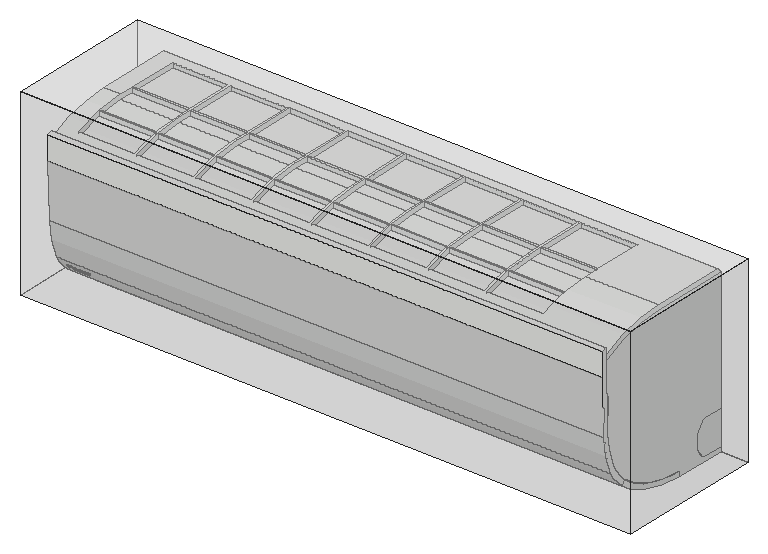
Revit family "outputfile", category 機械設備, Revit 2024
Family settings
  丸型コネクタ寸法 = 半径を使用
  パーツ タイプ = 標準
  OmniClass 番号 = 23.75.10.24.21.27.27
  OmniClass タイトル = Split System Air Conditioning Units
  作業面ベース = いいえ
  常に垂直 = はい
  ロード時にボイドで切り取り = いいえ
  注釈の向きを維持 = いいえ
  共有 = いいえ
  部屋計算ポイント = いいえ
Parameters (values of type "CTKP60VVMG")
  Description = ""
  書き出し IFC クラス(タイプ) = "IfcUnitaryEquipmentType"
  定義済み IFC タイプ(タイプ) = "AIRCONDITIONINGUNIT"
  Cost = 0
  Type Comments = ""
  Keynote = ""
  Type Image = (empty or 0)
  Assembly Code = ""
  w_wall hole = if(Width = 770.0 mm, 48.0 mm, 60.0 mm)  # 60.0 mm
  製造元 = "Daikin"
  モデル = "CTKP60VVMG"
  switch_frequency = yes
  r_Liquid Pipe Size = Liquid Pipe Size / 2  # 3.2 mm
  r_Gas Pipe Size = Gas Pipe Size / 2  # 6.35 mm
  r_Drain Pipe Size = Drain Pipe Size / 2  # 8.0 mm
  lw_powersupply [instance] = if(Width = 770.0 mm, if(or(Rear Right Connection_refrigerant, Bottom Right Connection_refrigerant), 25.0 mm, if(or(Rear Left Connection_refrigerant, Bottom Left Connection_refrigerant), 745.0 mm, 400.0 mm)), if(Width = 990.0 mm, if(or(Rear Right Connection_refrigerant, Bottom Right Connection_refrigerant), 40.0 mm, if(or(Rear Left Connection_refrigerant, Bottom Left Connection_refrigerant), 920.0 mm, 400.0 mm)), if(or(Rear Right Connection_refrigerant, Bottom Right Connection_refrigerant), 40.0 mm, if(or(Rear Left Connection_refrigerant, Bottom Left Connection_refrigerant), 920.0 mm, 400.0 mm))))  # 400.0 mm
  lw_liquidpipe [instance] = if(Width = 770.0 mm, if(or(Rear Right Connection_refrigerant, Bottom Right Connection_refrigerant), 0.0 mm, if(or(Rear Left Connection_refrigerant, Bottom Left Connection_refrigerant), 664.0 mm, 385.0 mm)), if(Width = 990.0 mm, if(or(Rear Right Connection_refrigerant, Bottom Right Connection_refrigerant), 0.0 mm, if(or(Rear Left Connection_refrigerant, Bottom Left Connection_refrigerant), 664.0 mm + (990.0 mm - 770.0 mm), 475.0 mm)), if(or(Rear Right Connection_refrigerant, Bottom Right Connection_refrigerant), 0.0 mm, if(or(Rear Left Connection_refrigerant, Bottom Left Connection_refrigerant), 664.0 mm + (990.0 mm - 770.0 mm), 475.0 mm))))  # 475.0 mm
  lw_gaspipe [instance] = if(Width = 770.0 mm, if(or(Rear Right Connection_refrigerant, Bottom Right Connection_refrigerant), 0.0 mm, if(or(Rear Left Connection_refrigerant, Bottom Left Connection_refrigerant), 675.0 mm, if(Gas Pipe Size = 12.7 mm, 345.0 mm, 335.0 mm))), if(Width = 990.0 mm, if(or(Rear Right Connection_refrigerant, Bottom Right Connection_refrigerant), 10.0 mm, if(or(Rear Left Connection_refrigerant, Bottom Left Connection_refrigerant), 890.0 mm, if(Gas Pipe Size = 15.9 mm, 400.0 mm, 400.0 mm))), if(or(Rear Right Connection_refrigerant, Bottom Right Connection_refrigerant), 10.0 mm, if(or(Rear Left Connection_refrigerant, Bottom Left Connection_refrigerant), 890.0 mm, if(Gas Pipe Size = 15.9 mm, 400.0 mm, 400.0 mm)))))  # 400.0 mm
  lw_drainpipe [instance] = if(Width = 770.0 mm, if(or(Rear Right Connection_refrigerant, Bottom Right Connection_refrigerant), 0.0 mm, if(or(Rear Left Connection_refrigerant, Bottom Left Connection_refrigerant), 770.0 mm - 48.0 mm - 48.0 mm, 440.0 mm)), if(Width = 990.0 mm, if(or(Rear Right Connection_refrigerant, Bottom Right Connection_refrigerant), 0.0 mm, if(or(Rear Left Connection_refrigerant, Bottom Left Connection_refrigerant), 675.0 mm + (990.0 mm - 770.0 mm), 435.0 mm)), if(or(Rear Right Connection_refrigerant, Bottom Right Connection_refrigerant), 0.0 mm, if(or(Rear Left Connection_refrigerant, Bottom Left Connection_refrigerant), 675.0 mm + (990.0 mm - 770.0 mm), 435.0 mm))))  # 435.0 mm
  l_powersupply_length [instance] = if(Width = 770.0 mm, if(Right Connection_refrigerant, 400.0 mm, if(Left Connection_refrigerant, 770.0 mm - 400.0 mm, if(or(Rear Left Connection_refrigerant, Rear Right Connection_refrigerant), 15.0 mm, 50.0 mm))), if(Width = 990.0 mm, if(Right Connection_refrigerant, 400.0 mm, if(Left Connection_refrigerant, 990.0 mm - 400.0 mm, if(or(Rear Left Connection_refrigerant, Rear Right Connection_refrigerant), 15.0 mm, 50.0 mm))), if(Right Connection_refrigerant, 400.0 mm, if(Left Connection_refrigerant, 990.0 mm - 400.0 mm, if(or(Rear Left Connection_refrigerant, Rear Right Connection_refrigerant), 15.0 mm, 50.0 mm)))))  # 400.0 mm
  l_liquidpipe_length [instance] = if(Width = 770.0 mm, if(Right Connection_refrigerant, 433.0 mm, if(Left Connection_refrigerant, 337.0 mm, if(or(Rear Left Connection_refrigerant, Rear Right Connection_refrigerant), 30.0 mm, 40.0 mm))), if(Width = 990.0 mm, if(Right Connection_refrigerant, 535.0 mm, if(Left Connection_refrigerant, 455.0 mm, if(or(Rear Left Connection_refrigerant, Rear Right Connection_refrigerant), 30.0 mm, 40.0 mm))), if(Right Connection_refrigerant, 535.0 mm, if(Left Connection_refrigerant, 455.0 mm, if(or(Rear Left Connection_refrigerant, Rear Right Connection_refrigerant), 30.0 mm, 40.0 mm)))))  # 535.0 mm
  l_gaspipe_length [instance] = if(Width = 770.0 mm, if(Right Connection_refrigerant, if(Gas Pipe Size = 12.7 mm, 393.0 mm, 383.0 mm), if(Left Connection_refrigerant, if(Gas Pipe Size = 12.7 mm, 770.0 mm - 393.0 mm, 770.0 mm - 383.0 mm), if(or(Rear Left Connection_refrigerant, Rear Right Connection_refrigerant), 40.0 mm, 50.0 mm))), if(Width = 990.0 mm, if(Right Connection_refrigerant, if(Gas Pipe Size = 15.9 mm, 460.0 mm, 460.0 mm), if(Left Connection_refrigerant, if(Gas Pipe Size = 15.9 mm, 990.0 mm - 460.0 mm, 990.0 mm - 460.0 mm), if(or(Rear Left Connection_refrigerant, Rear Right Connection_refrigerant), 40.0 mm, 50.0 mm))), if(Right Connection_refrigerant, if(Gas Pipe Size = 15.9 mm, 460.0 mm, 460.0 mm), if(Left Connection_refrigerant, if(Gas Pipe Size = 15.9 mm, 990.0 mm - 460.0 mm, 990.0 mm - 460.0 mm), if(or(Rear Left Connection_refrigerant, Rear Right Connection_refrigerant), 40.0 mm, 50.0 mm)))))  # 460.0 mm
  l_drainpipe_length [instance] = if(Width = 770.0 mm, if(Right Connection_refrigerant, 488.0 mm, if(Left Connection_refrigerant, 282.0 mm, if(or(Rear Left Connection_refrigerant, Rear Right Connection_refrigerant), 15.0 mm, 20.0 mm))), if(Width = 990.0 mm, if(Right Connection_refrigerant, 495.0 mm, if(Left Connection_refrigerant, 495.0 mm, if(or(Rear Left Connection_refrigerant, Rear Right Connection_refrigerant), 15.0 mm, 20.0 mm))), if(Right Connection_refrigerant, 495.0 mm, if(Left Connection_refrigerant, 495.0 mm, if(or(Rear Left Connection_refrigerant, Rear Right Connection_refrigerant), 15.0 mm, 20.0 mm)))))  # 495.0 mm
  h*** = 0.0 mm  # constant formula
  connector_voltage = Voltage_50Hz  # 230 V
  connector_powerinput = [Power Input (Cooling)]  # 0.000 kW
  connector_phase = Phase_50Hz  # 1
  angle_vertical [instance] = if(or(Bottom Left Connection_refrigerant, Bottom Right Connection_refrigerant), 0.00°, 90.00°)  # 90.00°
  angle_horizontal [instance] = if(Right Connection_refrigerant, 90.00°, if(Left Connection_refrigerant, -90.00°, if(or(Rear Left Connection_refrigerant, Rear Right Connection_refrigerant), 180.00°, 0.00°)))  # 90.00°
  Width = 990.0 mm
  Voltage_comment_50Hz = "220 - 240"
  Voltage_50Hz = 230 V
  Version = "ver.1.0"
  Unit Type = "Wall Mounted"
  Unit Mass Weight = 13.00 kg
  Unit Designation [instance] = ""
  Uniclass2015Version = "Products v1.30"
  Uniclass2015Title = "Split coil room air conditioning units"
  Uniclass2015Code = "Pr_70_65_03_86"
  URL = ""
  Total Cooling Capacity [instance] = 0.000 kW
  Sound Pressure Level_M speed (dBA) = 42
  Sound Pressure Level_L speed (dBA) = 36
  Sound Pressure Level_H speed (dBA) = 48
  Sound Power Level_H speed (dB) = 0
  Series = "Multi Split_Fan Coil Unit"
  Sensible Cooling Capacity [instance] = 0.000 kW
  Refrigerant Type = "R32"
  Power Input (Cooling) = 0.000 kW
  Phase_50Hz = 1
  Option Accessory 3 [instance] = ""
  Option Accessory 2 [instance] = ""
  Option Accessory 1 [instance] = ""
  Nominal Cooling Capacity = 6.000 kW
  Minimum Circuit Amps_50Hz = 0.0 A
  Minimum Airflow = 762.00 m³/h
  Median Airflow = 948.00 m³/h
  Maximum Fuse Amps_50Hz = 0.0 A
  Maximum Airflow = 1150.00 m³/h
  Material_Casing = DAIKIN_White_Casing_indoorunit
  Load Classification = HVAC
  Liquid Pipe Size = 6.4 mm
  Link_Nested Family [instance] = ""
  IfcVersion = ""
  IfcExportType = "AIRCONDITIONINGUNIT"
  IfcExportAs = "IfcUnitaryEquipmentType"
  Height = 295.0 mm
  Heat Exchanger Type = "Cross Fin Coil"
  Gas Pipe Size = 12.7 mm
  Frequency_50Hz = 50 Hz
  Fan Type = "Cross Flow Fan"
  Fan Drive = "Direct Drive"
  FCU Tag No. [instance] = ""
  Drain Pipe Size = 16.0 mm
  Design Supply Airflow [instance] = 0.00 m³/h
  Depth = 263.0 mm
  既定の高さ = 0.0 mm
  Cooling Entering Wet Bulb Temperature [instance] = 0.00 °C
  Cooling Entering Dry Bulb Temperature [instance] = 0.00 °C
  Cooling Ambient Wet Bulb Temperature [instance] = 0.00 °C
  Cooling Ambient Dry Bulb Temperature [instance] = 0.00 °C
  Clearance visibility [instance] = yes
  Clearance Top = 30.0 mm
  Clearance Right = 50.0 mm
  Clearance Rear = 0.0 mm
  Clearance Left = 50.0 mm
  Clearance Front = 0.0 mm
  Clearance Bottom = 0.0 mm
  Bottom Right Connection_refrigerant [instance] = no
  Bottom Left Connection_refrigerant [instance] = no
  Rear Right Connection_refrigerant [instance] = no
  Rear Left Connection_refrigerant [instance] = no
  Right Connection_refrigerant [instance] = yes
  Left Connection_refrigerant [instance] = no
Reference planes
  plane 1 "Back": y = 0
  plane 2: z = 0
  plane 3 "Center (Left/Right)": x = 0
  plane 4 "Center (Front/Back)": y = -131.5
  plane 5 "Front": y = -263
  plane 6 "Left": x = -495
  plane 7 "Right": x = 495
  plane 8 "Top": z = 0
  plane 9 "Bottom": z = -295
  plane 10: x = -545
  plane 11: x = 545
  plane 12: y = 0
  plane 13: y = -263
  plane 14: z = 30
  plane 15: z = -295
  plane 16 "lw_Piping and Wiring intake": x = 435
  plane 17 "lw_gaspipe": x = 35
  plane 18 "lw_liquidpipe": x = -40
  plane 19 "lw_drainpipe": x = 0
  plane 20 "lh_drainpipe": z = -275
  plane 21 "lh_liquidpipe": z = -255
  plane 22 "lh_gaspipe": z = -245
  plane 23 "ld_drainpipe": y = -15
  plane 24 "ld_liquidpipe": y = -30
  plane 25 "ld_gaspipe": y = -40
  plane 26 "lw_powersupply": x = 95
Dimensions and locks
  equal spacing: plane 6 "Left", plane 3 "Center (Left/Right)", plane 7 "Right"
  "Width": plane 6 "Left" to plane 7 "Right"
  equal spacing: plane 5 "Front", plane 4 "Center (Front/Back)", plane 1 "Back"
  "Depth": plane 5 "Front" to plane 1 "Back"
  "Height": plane 8 "Top" to plane 9 "Bottom"
  "Clearance Rear": plane 12 to plane 1 "Back"
  "Clearance Front": plane 13 to plane 5 "Front"
  "Clearance Top": plane 14 to plane 8 "Top"
  "Clearance Bottom": plane 9 "Bottom" to plane 15
  "w_wall hole": plane 16 "lw_Piping and Wiring intake" to plane 7 "Right"
  "lw_gaspipe": plane 17 "lw_gaspipe" to plane 16 "lw_Piping and Wiring intake"
  "lw_liquidpipe": plane 18 "lw_liquidpipe" to plane 16 "lw_Piping and Wiring intake"
  "lw_drainpipe": plane 19 "lw_drainpipe" to plane 16 "lw_Piping and Wiring intake"
  locked: plane 20 "lh_drainpipe" to plane 9 "Bottom" at 20
  locked: plane 21 "lh_liquidpipe" to plane 9 "Bottom" at 40
  locked: plane 22 "lh_gaspipe" to plane 9 "Bottom" at 50
  locked: plane 23 "ld_drainpipe" to plane 1 "Back" at 15
  locked: plane 1 "Back" to plane 24 "ld_liquidpipe" at 30
  locked: plane 1 "Back" to plane 25 "ld_gaspipe" at 40
  "lw_powersupply": plane 26 "lw_powersupply" to plane 7 "Right"
  "Clearance Left": plane 10 to plane 6 "Left"
  "Clearance Right": plane 7 "Right" to plane 11
  aligned and locked: level to plane 2
  aligned and locked: plane 12 to nested 1
  aligned and locked: nested 1 to plane 13
  aligned and locked: plane 10 to nested 1
  aligned and locked: plane 11 to nested 1
  aligned and locked: plane 15 to nested 1
  aligned and locked: plane 14 to nested 1
  aligned and locked: plane 17 "lw_gaspipe" to nested 2
  aligned and locked: nested 2 to plane 25 "ld_gaspipe"
  aligned and locked: plane 18 "lw_liquidpipe" to nested 3
  aligned and locked: nested 3 to plane 24 "ld_liquidpipe"
  aligned and locked: plane 19 "lw_drainpipe" to nested 4
  aligned and locked: nested 4 to plane 23 "ld_drainpipe"
  aligned and locked: nested 5 to plane 23 "ld_drainpipe"
  aligned and locked: plane 26 "lw_powersupply" to nested 5
  aligned and locked: level to plane 8 "Top"
  aligned and locked: plane 3 "Center (Left/Right)" to nested 6
  aligned and locked: plane 1 "Back" to nested 6
  aligned and locked: plane 8 "Top" to nested 6
Nested families
  nested 1: "daikin_clearancespace" at (0, -131.5, -132.381), show <- "Clearance visibility", visible <- "Clearance visibility", Link_Nested Family <- "Link_Nested Family", type "daikin_clearancespace"
    with width 1090.0 mm, show yes, height 325.0 mm, depth 263.0 mm, Link_Nested Family ""
  nested 2: "daikin_connector_rotate3" at (35, -40, -245), angle_vertical <- "angle_vertical", angle_horizontal <- "angle_horizontal", length <- "l_gaspipe_length", radius <- "r_Gas Pipe Size", type "daikin_connector_rotate3"
    with show no, radius 6.35 mm, length 460.0 mm, angle_vertical 90.00°, angle_horizontal 90.00°
  nested 3: "daikin_connector_rotate3" at (-40, -30, -255), angle_vertical <- "angle_vertical", angle_horizontal <- "angle_horizontal", radius <- "r_Liquid Pipe Size", length <- "l_liquidpipe_length", type "daikin_connector_rotate3"
    with show no, radius 3.2 mm, length 535.0 mm, angle_vertical 90.00°, angle_horizontal 90.00°
  nested 4: "daikin_connector_rotate3" at (0, -15, -275), angle_vertical <- "angle_vertical", angle_horizontal <- "angle_horizontal", length <- "l_drainpipe_length", radius <- "r_Drain Pipe Size", type "daikin_connector_rotate3"
    with show no, radius 8.0 mm, length 495.0 mm, angle_vertical 90.00°, angle_horizontal 90.00°
  nested 5: "daikin_connector_rotate3" at (95, -15, -245), angle_vertical <- "angle_vertical", angle_horizontal <- "angle_horizontal", length <- "l_powersupply_length", type "daikin_connector_rotate3"
    with show no, radius 10.0 mm, length 400.0 mm, angle_vertical 90.00°, angle_horizontal 90.00°
  nested 6: "DAIKIN_indoorunit_CTKP-VVMG" at (-31, 0, 0), type "CTKP-VVMG"
    with switch_unit1_60 yes, switch_unit1_25-50 no, Width 990.0 mm, WALL HOLE-R 60.0 mm, WALL HOLE Size 80.0 mm, Height 295.0 mm
Connectors
  piping at (495, -40, -245), diameter 12.7, driven by "r_Gas Pipe Size"
    settings: on nested 2, index 1, connector inside diameter 609.6 mm, connector length 0.0 mm, flow factor 0, pipe flow 0.00 m³/h, pressure drop 0.0 Pa, fitting loss kfactor 0, connector angle 0.00°, fixture units 0, engagement length 0.0 mm, angle of deflection 0.00°, flow configuration 1, flow direction 2, fitting loss method 0, system type 29, joint type 0, gender type 0, connector reference index -1, connector utility 0, adjustable connector no, is connector primary yes, connector description "Refrigerant Gas Piping"
  piping at (495, -30, -255), diameter 6.4, driven by "r_Liquid Pipe Size"
    settings: on nested 3, index 2, connector inside diameter 609.6 mm, connector length 0.0 mm, flow factor 0, pipe flow 0.00 m³/h, pressure drop 0.0 Pa, fitting loss kfactor 0, connector angle 0.00°, fixture units 0, engagement length 0.0 mm, angle of deflection 0.00°, flow configuration 1, flow direction 1, fitting loss method 0, system type 29, joint type 0, gender type 0, connector reference index -1, connector utility 0, adjustable connector no, is connector primary no, connector description "Refrigerant Liquid Piping"
  piping at (495, -15, -275), diameter 16, driven by "r_Drain Pipe Size"
    settings: on nested 4, index 3, connector inside diameter 609.6 mm, connector length 0.0 mm, flow factor 0, pipe flow 0.00 m³/h, pressure drop 0.0 Pa, fitting loss kfactor 0, connector angle 0.00°, fixture units 0, engagement length 0.0 mm, angle of deflection 0.00°, flow configuration 1, flow direction 2, fitting loss method 4, system type 16, joint type 0, gender type 0, connector reference index -1, connector utility 0, adjustable connector no, is connector primary no, connector description "Condensate Drain Piping"
  electrical at (495, -15, -245), driven by "Load Classification", driven by "connector_powerinput", driven by "connector_voltage", driven by "connector_phase"
    settings: on nested 5, index 4, voltage 230 V, apparent load 0 VA, apparent load phase1 0 VA, apparent load phase2 0 VA, apparent load phase3 0 VA, power factor 1, load classification "HVAC", number of poles 1, system type 30, power factor state 1, is connector primary yes, connector utility no, sub classification motor no, connector description "Power Supply"
Definition of nested family "daikin_clearancespace"
  Parameters (values of type "daikin_clearancespace")
    Description = "daikin_clearancespace"
    width [instance] = 1823.963 mm
    show [instance] = yes
    material = none
    height [instance] = 1359.762 mm
    depth [instance] = 880.0 mm
    Default Elevation = 0.0 mm
    Link_Nested Family [instance] = ""
  Reference planes
    plane 1 "Center (Front/Back)": y = 0
    plane 2 "Center (Elevation)": z = -0.119
    plane 3 "Center (Left/Right)": x = 0
    plane 4: y = 440
    plane 5: y = -440
    plane 6 "Right": x = 911.982
    plane 7 "Left": x = -911.982
    plane 8 "Top": z = 679.762
    plane 9 "Bottom": z = -680
  Forms (mm)
    Extrusion 1, solid, material <- "material", visible <- "show"
      sketch origin (0, 0, 0) x (1, 0, 0) y (0, 1, 0)
        loop
          line (-911.982, 440) -> (-911.982, -440) -> (911.982, -440) -> (911.982, 440) -> (-911.982, 440)
      from -680 to 679.762
  Lines and regions (mm)
    symbolic lines, visible <- "show"
      curve 1: line (911.982, 440, 0) -> (-911.982, 440, 0)
      curve 2: line (-911.982, 440, 0) -> (-911.982, -440, 0)
      curve 3: line (-911.982, -440, 0) -> (911.982, -440, 0)
      curve 4: line (911.982, -440, 0) -> (911.982, 440, 0)
      curve 5: line (911.982, 0, 679.762) -> (-911.982, 0, 679.762)
      curve 6: line (911.982, 0, -680) -> (911.982, 0, 679.762)
      curve 7: line (-911.982, 0, -680) -> (911.982, 0, -680)
      curve 8: line (-911.982, 0, 679.762) -> (-911.982, 0, -680)
      curve 9: line (0, 440, 679.762) -> (0, -440, 679.762)
      curve 10: line (0, -440, 679.762) -> (0, -440, -680)
      curve 11: line (0, 440, -680) -> (0, 440, 679.762)
      curve 12: line (0, -440, -680) -> (0, 440, -680)
  Dimensions and locks
    "width": plane 7 "Left" to plane 6 "Right"
    "depth": plane 4 to plane 5
    "height": plane 8 "Top" to plane 9 "Bottom"
    equal spacing: plane 7 "Left", plane 3 "Center (Left/Right)", plane 6 "Right"
    equal spacing: plane 4, plane 1 "Center (Front/Back)", plane 5
    equal spacing: plane 8 "Top", plane 2 "Center (Elevation)", plane 9 "Bottom"
    aligned and locked: level to plane 2 "Center (Elevation)"
    aligned and locked: Extrusion 1 sketch curve to plane 4
    aligned and locked: plane 7 "Left" to Extrusion 1 sketch curve
    aligned and locked: Extrusion 1 sketch curve to plane 5
    aligned and locked: Extrusion 1 sketch curve to plane 6 "Right"
    aligned and locked: plane 8 "Top" to Extrusion 1
    aligned and locked: curve 1 to Extrusion 1
    aligned and locked: curve 2 to Extrusion 1
    aligned and locked: curve 3 to Extrusion 1
    aligned and locked: curve 4 to Extrusion 1
    aligned and locked: curve 5 to Extrusion 1
    aligned and locked: curve 6 to Extrusion 1
    aligned and locked: curve 7 to Extrusion 1
    aligned and locked: curve 8 to Extrusion 1
    aligned and locked: curve 9 to Extrusion 1
    aligned and locked: curve 10 to Extrusion 1
    aligned and locked: curve 11 to Extrusion 1
    aligned and locked: curve 12 to Extrusion 1
    aligned and locked: Extrusion 1 to plane 9 "Bottom"
Definition of nested family "DAIKIN_indoorunit_CTKP-VVMG"
  Parameters (values of type "CTKP-VVMG")
    switch_unit1_60 = Width = 990.0 mm  # no
    switch_unit1_25-50 = Width = 770.0 mm  # yes
    Width = 770.0 mm
    WALL HOLE-R = if(Width = 770.0 mm, 48.0 mm, 60.0 mm)  # 48.0 mm
    WALL HOLE Size = if(Width = 770.0 mm, 65.0 mm, 80.0 mm)  # 65.0 mm
    Material_Casing = none
    Height = if(Width = 770.0 mm, 285.0 mm, 295.0 mm)  # 285.0 mm
    Default Elevation = 0.0 mm
  Reference planes
    plane 1 "Center (Front/Back)": y = 0
    plane 2 "reference_level": z = 0
    plane 3 "Center (Left/Right)": x = 31
    plane 4: x = -354
    plane 5: x = 416
    plane 6: z = -285
  Forms (mm)
    Extrusion 1, solid, material <- "Material_Casing", visible <- "switch_unit1_25-50"
      sketch origin (29, 0, 0) x (0, 1, 0) y (0, 0, 1)
        loop
          line (-5, 0) -> (-98, 0)
          arc (-98, 0) -> (-157.611, -7.211) -> (-213.783, -28.427) r 250
          arc (-213.783, -28.427) -> (-213.842, -32.972) -> (-213.892, -37.516) r 2191
          arc (-213.892, -37.516) -> (-157.832, -15.495) -> (-98.07, -8) r 242
          line (-98.07, -8) -> (0, -8) -> (-5, 0)
      from -383 to 387
    Extrusion 2, solid, material <- "Material_Casing", visible <- "switch_unit1_25-50"
      sketch origin (416, 1296.25, 1200) x (0, 1, 0) y (0, 0, 1)
        loop
          line (-1472.998, -1446.91) -> (-1476.998, -1453.839)
          arc (-1476.998, -1453.839) -> (-1437.481, -1472.422) -> (-1395.25, -1483.538) r 240
          line (-1395.25, -1483.538) -> (-1395.25, -1475.422)
          arc (-1395.25, -1475.422) -> (-1435.407, -1464.663) -> (-1472.998, -1446.91) r 232
      from 0 to -47.5
    Extrusion 3, solid, material <- "Material_Casing", visible <- "switch_unit1_25-50"
      sketch origin (29, 0, 0) x (0, 1, 0) y (0, 0, 1)
        loop
          arc (-223, -60.455) -> (-222.414, -110.646) -> (-220.656, -160.81) r 2149.92
          arc (-220.656, -160.81) -> (-219.65, -174.299) -> (-217.853, -187.706) r 229.911
          arc (-217.853, -187.706) -> (-205.371, -223.594) -> (-181.517, -253.17) r 111
          line (-181.517, -253.17) -> (-177.429, -246.093)
          arc (-177.429, -246.093) -> (-198.77, -218.989) -> (-209.965, -186.36) r 103
          arc (-209.965, -186.36) -> (-211.681, -173.586) -> (-212.651, -160.735) r 221.844
          arc (-212.651, -160.735) -> (-214.739, -93.233) -> (-214.74, -25.699) r 2186.828
          arc (-214.74, -25.699) -> (-214.671, -21.467) -> (-214.594, -17.235) r 2192
          line (-214.594, -17.235) -> (-223, -19.961) -> (-223, -60.455)
      from -383 to 387
    Extrusion 4, solid, material <- "Material_Casing", visible <- "switch_unit1_25-50"
      sketch origin (29, 0, -20) x (0, 1, 0) y (0, 0, 1)
        loop
          line (0, -265) -> (0, 12) -> (-98.07, 12)
          arc (-98.07, 12) -> (-157.832, 4.505) -> (-213.892, -17.516) r 242
          arc (-213.892, -17.516) -> (-213.638, -79.114) -> (-211.653, -140.681) r 2191
          arc (-211.653, -140.681) -> (-210.685, -153.501) -> (-208.973, -166.243) r 221
          arc (-208.973, -166.243) -> (-197.471, -199.282) -> (-175.482, -226.491) r 102
          arc (-175.482, -226.491) -> (-138.004, -244.019) -> (-98, -254.579) r 231
          line (-98, -254.579) -> (-98, -265) -> (0, -265)
      from -383 to 387
    Extrusion 5, solid, material <- "Material_Casing", visible <- "switch_unit1_25-50"
      sketch origin (-354, 1296.25, 1200) x (0, 1, 0) y (0, 0, 1)
        loop
          line (-1472.998, -1446.91) -> (-1476.998, -1453.839)
          arc (-1476.998, -1453.839) -> (-1437.481, -1472.422) -> (-1395.25, -1483.538) r 240
          line (-1395.25, -1483.538) -> (-1395.25, -1475.422)
          arc (-1395.25, -1475.422) -> (-1435.407, -1464.663) -> (-1472.998, -1446.91) r 232
      from 47 to 0
    Extrusion 6, solid, material <- "Material_Casing", visible <- "switch_unit1_25-50"
      sketch origin (416, 1296.25, 1200) x (0, 1, 0) y (0, 0, 1)
        loop
          line (-1472.998, -1446.91) -> (-1476.998, -1453.839)
          arc (-1476.998, -1453.839) -> (-1443.437, -1470.168) -> (-1407.75, -1481.097) r 240
          line (-1407.75, -1481.097) -> (-1407.75, -1472.894)
          arc (-1407.75, -1472.894) -> (-1441.363, -1462.385) -> (-1472.998, -1446.91) r 232
      from -116.993 to -48.493
    Extrusion 7, solid, material <- "Material_Casing", visible <- "switch_unit1_25-50"
      sketch origin (416, 1296.25, 1200) x (0, 1, 0) y (0, 0, 1)
        loop
          line (-1472.998, -1446.91) -> (-1476.998, -1453.839)
          arc (-1476.998, -1453.839) -> (-1443.437, -1470.168) -> (-1407.75, -1481.097) r 240
          line (-1407.75, -1481.097) -> (-1407.75, -1472.894)
          arc (-1407.75, -1472.894) -> (-1441.363, -1462.385) -> (-1472.998, -1446.91) r 232
      from -717 to -121.993
    Extrusion 8, void
      sketch origin (31, 0, -235) x (1, 0, 0) y (0, 1, 0)
        loop
          line (-252.674, -22.316) -> (-354.941, -22.316) -> (-354.941, -91.341) -> (-252.674, -91.341) -> (-252.674, -22.316)
        loop
          line (-249.341, -91.341) -> (-151.574, -91.341) -> (-151.574, -22.316) -> (-249.341, -22.316) -> (-249.341, -91.341)
        loop
          line (58.309, -22.316) -> (-148.309, -22.316) -> (-148.309, -91.341) -> (58.309, -91.341) -> (58.309, -22.316)
        loop
          line (61.689, -22.316) -> (61.689, -91.341) -> (159.457, -91.341) -> (159.457, -22.316) -> (61.689, -22.316)
        loop
          line (162.789, -22.316) -> (162.789, -91.341) -> (265.057, -91.341) -> (265.057, -22.316) -> (162.789, -22.316)
        loop
          line (-354.941, -94.659) -> (-354.941, -165.259) -> (-252.674, -165.259) -> (-252.674, -94.659) -> (-354.941, -94.659)
        loop
          line (-249.341, -94.659) -> (-249.341, -165.259) -> (-151.574, -165.259) -> (-151.574, -94.659) -> (-249.341, -94.659)
        loop
          line (-148.309, -94.659) -> (-148.309, -165.259) -> (58.309, -165.259) -> (58.309, -94.659) -> (-148.309, -94.659)
        loop
          line (61.689, -94.659) -> (61.689, -165.259) -> (159.457, -165.259) -> (159.457, -94.659) -> (61.689, -94.659)
        loop
          line (162.789, -94.659) -> (162.789, -165.259) -> (265.057, -165.259) -> (265.057, -94.659) -> (162.789, -94.659)
        loop
          line (-354.941, -167.382) -> (-354.941, -192.681) -> (-252.674, -192.681) -> (-252.674, -167.382) -> (-354.941, -167.382)
        loop
          line (-249.341, -167.382) -> (-249.341, -192.681) -> (-151.574, -192.681) -> (-151.574, -167.382) -> (-249.341, -167.382)
        loop
          line (-148.309, -167.382) -> (-148.309, -192.681) -> (58.309, -192.681) -> (58.309, -167.382) -> (-148.309, -167.382)
        loop
          line (159.457, -167.382) -> (61.689, -167.382) -> (61.689, -192.681) -> (159.457, -192.681) -> (159.457, -167.382)
        loop
          line (265.057, -167.382) -> (162.789, -167.382) -> (162.789, -192.681) -> (265.057, -192.681) -> (265.057, -167.382)
      from 201.638 to 250
    Extrusion 9, solid, material <- "Material_Casing"
      sketch origin (31, 0, 0) x (1, 0, 0) y (0, 0, 1)
        loop
          circle (337, -240.5) r 32.5
        loop
          circle (-337, -240.5) r 32.5
      from 0 to 5
    Extrusion 10, solid, material <- "Material_Casing", visible <- "switch_unit1_25-50"
      sketch origin (416, 1296.25, 1200) x (0, -1, 0) y (0, 0, 1)
        loop
          line (1326.25, -1417) -> (1296.25, -1417) -> (1296.25, -1477) -> (1326.25, -1477)
          arc (1326.25, -1477) -> (1340.393, -1471.142) -> (1346.25, -1457) r 20
          line (1346.25, -1457) -> (1346.25, -1437)
          arc (1346.25, -1437) -> (1340.393, -1422.858) -> (1326.25, -1417) r 20
      from 0 to 5
    Extrusion 11, solid, material <- "Material_Casing", visible <- "switch_unit1_25-50"
      sketch origin (-354, 1296.25, 1200) x (0, 1, 0) y (0, 0, 1)
        loop
          line (-1296.25, -1417) -> (-1326.25, -1417)
          arc (-1326.25, -1417) -> (-1340.393, -1422.858) -> (-1346.25, -1437) r 20
          line (-1346.25, -1437) -> (-1346.25, -1457)
          arc (-1346.25, -1457) -> (-1340.393, -1471.142) -> (-1326.25, -1477) r 20
          line (-1326.25, -1477) -> (-1296.25, -1477) -> (-1296.25, -1417)
      from 0 to 5
    Extrusion 12, solid, material <- "Material_Casing", visible <- "switch_unit1_25-50"
      sketch origin (31, 0, -285) x (-1, 0, 0) y (0, -1, 0)
        loop
          line (-314, 0) -> (-314, 30)
          arc (-314, 30) -> (-319.858, 44.142) -> (-334, 50) r 20
          line (-334, 50) -> (-354, 50)
          arc (-354, 50) -> (-368.142, 44.142) -> (-374, 30) r 20
          line (-374, 30) -> (-374, 0) -> (-314, 0)
        loop
          line (374, 0) -> (374, 30)
          arc (374, 30) -> (368.142, 44.142) -> (354, 50) r 20
          line (354, 50) -> (334, 50)
          arc (334, 50) -> (319.858, 44.142) -> (314, 30) r 20
          line (314, 30) -> (314, 0) -> (374, 0)
      from 0 to 5
    Extrusion 13, solid, material <- "Material_Casing", visible <- "switch_unit1_60"
      sketch origin (31, 0, 0) x (0, 1, 0) y (0, 0, 1)
        loop
          line (-5, 0) -> (-138, 0)
          arc (-138, 0) -> (-197.611, -7.211) -> (-253.783, -28.427) r 250
          arc (-253.783, -28.427) -> (-253.838, -32.687) -> (-253.886, -36.946) r 2191
          arc (-253.886, -36.946) -> (-197.73, -15.346) -> (-138.014, -8) r 246.393
          line (-138.014, -8) -> (0, -8) -> (-5, 0)
      from -495 to 495
    Extrusion 14, solid, material <- "Material_Casing", visible <- "switch_unit1_60"
      sketch origin (418, 1296.25, 1200) x (0, 1, 0) y (0, 0, 1)
        loop
          arc (-1515.208, -1454.149) -> (-1506.856, -1460.599) -> (-1497.925, -1466.219) r 110
          arc (-1497.925, -1466.219) -> (-1445.718, -1487.493) -> (-1389.844, -1494.995) r 223
          line (-1389.844, -1494.995) -> (-1389.844, -1486.086) -> (-1404.386, -1486.086)
          arc (-1404.386, -1486.086) -> (-1449.542, -1477.46) -> (-1491.818, -1459.402) r 214.289
          arc (-1491.818, -1459.402) -> (-1501.056, -1453.541) -> (-1509.606, -1446.715) r 101
          line (-1509.606, -1446.715) -> (-1515.208, -1454.149)
      from 108 to 57.5
    Extrusion 15, solid, material <- "Material_Casing", visible <- "switch_unit1_60"
      sketch origin (31, 0, 0) x (0, 1, 0) y (0, 0, 1)
        loop
          line (-263, -19.962) -> (-263, -61.6)
          arc (-263, -61.6) -> (-262.414, -110.219) -> (-260.656, -158.81) r 2017.341
          arc (-260.656, -158.81) -> (-255.648, -191.935) -> (-244.041, -223.362) r 164.725
          arc (-244.041, -223.362) -> (-233.569, -239.793) -> (-219.717, -253.495) r 87.379
          line (-219.717, -253.495) -> (-214.706, -246.846)
          arc (-214.706, -246.846) -> (-229.564, -230.029) -> (-240.385, -210.371) r 102
          arc (-240.385, -210.371) -> (-249.049, -182.962) -> (-252.848, -154.467) r 165.789
          arc (-252.848, -154.467) -> (-254.771, -90.102) -> (-254.74, -25.708) r 2122.533
          arc (-254.74, -25.708) -> (-254.671, -21.469) -> (-254.594, -17.23) r 2192
          line (-254.594, -17.23) -> (-263, -19.962)
      from -495 to 495
    Extrusion 16, void
      sketch origin (33, 0, 0) x (1, 0, 0) y (0, 1, 0)
        loop
          line (-466.909, -22.316) -> (-466.909, -111.341) -> (-366.303, -111.341) -> (-366.303, -22.316) -> (-466.909, -22.316)
        loop
          line (-362.71, -22.316) -> (-362.71, -111.341) -> (-262.103, -111.341) -> (-262.103, -22.316) -> (-362.71, -22.316)
        loop
          line (-258.51, -22.316) -> (-258.51, -111.341) -> (-157.904, -111.341) -> (-157.904, -22.316) -> (-258.51, -22.316)
        loop
          line (-154.31, -22.316) -> (-154.31, -111.341) -> (-53.704, -111.341) -> (-53.704, -22.316) -> (-154.31, -22.316)
        loop
          line (-50.11, -22.316) -> (-50.11, -111.341) -> (50.496, -111.341) -> (50.496, -22.316) -> (-50.11, -22.316)
        loop
          line (54.089, -22.316) -> (54.089, -111.341) -> (154.696, -111.341) -> (154.696, -22.316) -> (54.089, -22.316)
        loop
          line (158.289, -22.316) -> (158.289, -111.341) -> (258.895, -111.341) -> (258.895, -22.316) -> (158.289, -22.316)
        loop
          line (262.489, -22.316) -> (262.489, -111.341) -> (363.095, -111.341) -> (363.095, -22.316) -> (262.489, -22.316)
        loop
          line (-466.909, -114.459) -> (-466.909, -185.059) -> (-366.303, -185.059) -> (-366.303, -114.459) -> (-466.909, -114.459)
        loop
          line (-362.71, -114.459) -> (-362.71, -185.059) -> (-262.103, -185.059) -> (-262.103, -114.459) -> (-362.71, -114.459)
        loop
          line (-258.51, -114.459) -> (-258.51, -185.059) -> (-157.904, -185.059) -> (-157.904, -114.459) -> (-258.51, -114.459)
        loop
          line (-154.31, -114.459) -> (-154.31, -185.059) -> (-53.704, -185.059) -> (-53.704, -114.459) -> (-154.31, -114.459)
        loop
          line (-50.11, -114.459) -> (-50.11, -185.059) -> (50.496, -185.059) -> (50.496, -114.459) -> (-50.11, -114.459)
        loop
          line (54.089, -114.459) -> (54.089, -185.059) -> (154.696, -185.059) -> (154.696, -114.459) -> (54.089, -114.459)
        loop
          line (158.289, -114.459) -> (158.289, -185.059) -> (258.895, -185.059) -> (258.895, -114.459) -> (158.289, -114.459)
        loop
          line (262.489, -114.459) -> (262.489, -185.059) -> (363.095, -185.059) -> (363.095, -114.459) -> (262.489, -114.459)
        loop
          line (-466.909, -187.382) -> (-466.909, -232.681) -> (-366.303, -232.681) -> (-366.303, -187.382) -> (-466.909, -187.382)
        loop
          line (-362.71, -187.382) -> (-362.71, -232.681) -> (-262.103, -232.681) -> (-262.103, -187.382) -> (-362.71, -187.382)
        loop
          line (-258.51, -187.382) -> (-258.51, -232.681) -> (-157.904, -232.681) -> (-157.904, -187.382) -> (-258.51, -187.382)
        loop
          line (-154.31, -187.382) -> (-154.31, -232.681) -> (-53.704, -232.681) -> (-53.704, -187.382) -> (-154.31, -187.382)
        loop
          line (-50.11, -187.382) -> (-50.11, -232.681) -> (50.496, -232.681) -> (50.496, -187.382) -> (-50.11, -187.382)
        loop
          line (54.089, -187.382) -> (54.089, -232.681) -> (154.696, -232.681) -> (154.696, -187.382) -> (54.089, -187.382)
        loop
          line (158.289, -187.382) -> (158.289, -232.681) -> (258.895, -232.681) -> (258.895, -187.382) -> (158.289, -187.382)
        loop
          line (262.489, -187.382) -> (262.489, -232.681) -> (363.095, -232.681) -> (363.095, -187.382) -> (262.489, -187.382)
      from -40.013 to 47.268
    Extrusion 17, solid, material <- "Material_Casing", visible <- "switch_unit1_60"
      sketch origin (-356, 1296.25, 1200) x (0, 1, 0) y (0, 0, -1)
        loop
          line (-1515.208, 1454.149) -> (-1509.606, 1446.715)
          arc (-1509.606, 1446.715) -> (-1501.056, 1453.541) -> (-1491.818, 1459.402) r 101
          arc (-1491.818, 1459.402) -> (-1449.542, 1477.46) -> (-1404.386, 1486.086) r 214.289
          line (-1404.386, 1486.086) -> (-1389.844, 1486.086) -> (-1389.844, 1494.995)
          arc (-1389.844, 1494.995) -> (-1445.718, 1487.493) -> (-1497.925, 1466.219) r 223
          arc (-1497.925, 1466.219) -> (-1506.856, 1460.599) -> (-1515.208, 1454.149) r 110
      from 108 to 61
    Extrusion 18, solid, material <- "Material_Casing", visible <- "switch_unit1_60"
      sketch origin (418, 1296.25, 1200) x (0, 1, 0) y (0, 0, 1)
        loop
          arc (-1515.208, -1454.149) -> (-1506.856, -1460.599) -> (-1497.925, -1466.219) r 110
          arc (-1497.925, -1466.219) -> (-1463.185, -1482.066) -> (-1426.25, -1491.755) r 223
          line (-1426.25, -1491.755) -> (-1426.25, -1483.166)
          arc (-1426.25, -1483.166) -> (-1460.008, -1473.969) -> (-1491.818, -1459.402) r 214.289
          arc (-1491.818, -1459.402) -> (-1501.056, -1453.541) -> (-1509.606, -1446.715) r 101
          line (-1509.606, -1446.715) -> (-1515.208, -1454.149)
      from 56.5 to -36.993
    Extrusion 19, solid, material <- "Material_Casing", visible <- "switch_unit1_60"
      sketch origin (418, 1296.25, 1200) x (0, 1, 0) y (0, 0, 1)
        loop
          arc (-1426.25, -1483.166) -> (-1443.442, -1479.224) -> (-1460.25, -1473.881) r 214.289
          line (-1460.25, -1473.881) -> (-1460.25, -1483.089)
          arc (-1460.25, -1483.089) -> (-1443.421, -1488.091) -> (-1426.25, -1491.755) r 223
          line (-1426.25, -1491.755) -> (-1426.25, -1483.166)
      from -43.493 to -828.893
    Extrusion 20, solid, material <- "Material_Casing", visible <- "switch_unit1_60"
      sketch origin (418, 1296.25, 1200) x (0, 1, 0) y (0, 0, 1)
        loop
          arc (-1515.208, -1454.149) -> (-1506.856, -1460.599) -> (-1497.925, -1466.219) r 110
          arc (-1497.925, -1466.219) -> (-1479.479, -1475.527) -> (-1460.25, -1483.089) r 223
          line (-1460.25, -1483.089) -> (-1460.25, -1473.881)
          arc (-1460.25, -1473.881) -> (-1476.328, -1467.282) -> (-1491.818, -1459.402) r 214.289
          arc (-1491.818, -1459.402) -> (-1501.056, -1453.541) -> (-1509.606, -1446.715) r 101
          line (-1509.606, -1446.715) -> (-1515.208, -1454.149)
      from -43.493 to -828.893
    Extrusion 21, solid, material <- "Material_Casing", visible <- "switch_unit1_60"
      sketch origin (31, 0, -30) x (0, 1, 0) y (0, 0, 1)
        loop
          line (0, 22) -> (-138.014, 22)
          arc (-138.014, 22) -> (-197.73, 14.654) -> (-253.886, -6.946) r 246.393
          arc (-253.886, -6.946) -> (-253.682, -65.635) -> (-251.855, -124.295) r 2120.935
          arc (-251.855, -124.295) -> (-248.086, -152.682) -> (-239.461, -179.988) r 164.789
          arc (-239.461, -179.988) -> (-228.903, -199.231) -> (-214.437, -215.738) r 101
          line (-214.437, -215.738) -> (-212.406, -216.221)
          arc (-212.406, -216.221) -> (-204.07, -222.837) -> (-195.079, -228.53) r 100
          arc (-195.079, -228.53) -> (-145.557, -248.629) -> (-92.593, -255.785) r 213.289
          line (-92.593, -255.785) -> (-92.593, -265) -> (0, -265) -> (0, 22)
      from -495 to 495
    Extrusion 22, solid, material <- "Material_Casing", visible <- "switch_unit1_60"
      sketch origin (526, 1296.25, 1200) x (0, -1, 0) y (0, 0, 1)
        loop
          line (1326.25, -1427.035) -> (1296.25, -1427.035) -> (1296.25, -1487.035) -> (1326.25, -1487.035)
          arc (1326.25, -1487.035) -> (1340.393, -1481.177) -> (1346.25, -1467.035) r 20
          line (1346.25, -1467.035) -> (1346.25, -1447.035)
          arc (1346.25, -1447.035) -> (1340.393, -1432.892) -> (1326.25, -1427.035) r 20
      from 0 to 5
    Extrusion 23, solid, material <- "Material_Casing", visible <- "switch_unit1_60"
      sketch origin (-459, 1296.25, 1200) x (0, -1, 0) y (0, 0, 1)
        loop
          line (1326.25, -1427.035) -> (1296.25, -1427.035) -> (1296.25, -1487.035) -> (1326.25, -1487.035)
          arc (1326.25, -1487.035) -> (1340.393, -1481.177) -> (1346.25, -1467.035) r 20
          line (1346.25, -1467.035) -> (1346.25, -1447.035)
          arc (1346.25, -1447.035) -> (1340.393, -1432.892) -> (1326.25, -1427.035) r 20
      from 0 to 5
    Extrusion 24, solid, material <- "Material_Casing", visible <- "switch_unit1_60"
      sketch origin (31, 200, -295) x (-1, 0, 0) y (0, -1, 0)
        loop
          line (469, 200) -> (469, 230)
          arc (469, 230) -> (463.142, 244.142) -> (449, 250) r 20
          line (449, 250) -> (429, 250)
          arc (429, 250) -> (414.858, 244.142) -> (409, 230) r 20
          line (409, 230) -> (409, 200) -> (469, 200)
        loop
          line (-469, 200) -> (-409, 200) -> (-409, 230)
          arc (-409, 230) -> (-414.858, 244.142) -> (-429, 250) r 20
          line (-429, 250) -> (-449, 250)
          arc (-449, 250) -> (-463.142, 244.142) -> (-469, 230) r 20
          line (-469, 230) -> (-469, 200)
      from 0 to 5
  Cuts and joins
    Extrusion 8 cuts Extrusion 1
    Extrusion 16 cuts Extrusion 13
  Lines and regions (mm)
    reference lines
      curve 1: line (-523, -201.911, -229.404) -> (-523, -193.542, -239.977)
      curve 2: line (-523, -240.779, -229.404) -> (-523, -232.411, -239.977)
  Dimensions and locks
    locked: Extrusion 10 sketch curve to Extrusion 10 sketch curve at 60
    locked: Extrusion 10 sketch curve to Extrusion 10 sketch curve at 50
    locked: Extrusion 12 sketch curve to Extrusion 12 sketch curve at 60  (x2)
    locked: Extrusion 12 sketch curve to Extrusion 12 sketch curve at 50
    equal spacing: plane 5, plane 3 "Center (Left/Right)", plane 4
    "Width": plane 5 to plane 4
    locked: Extrusion 9 sketch curve to plane 4 at 48
    "WALL HOLE-R": plane 5 to Extrusion 9 sketch curve
    "Height": plane 2 "reference_level" to plane 6
    locked: Extrusion 9 sketch curve to plane 6 at 44.5  (x2)
    locked: Extrusion 15 to nested 2 at 15
    locked: Extrusion 22 sketch curve to Extrusion 22 sketch curve at 60
    locked: Extrusion 22 sketch curve to Extrusion 22 sketch curve at 50
    locked: Extrusion 23 sketch curve to Extrusion 23 sketch curve at 60
    locked: Extrusion 23 sketch curve to Extrusion 23 sketch curve at 50
    locked: Extrusion 24 sketch curve to Extrusion 24 sketch curve at 60  (x2)
    locked: Extrusion 24 sketch curve to Extrusion 24 sketch curve at 50  (x2)
    "WALL HOLE Size": diameter of Extrusion 9 sketch curve  (x2)
    aligned and locked: level to plane 2 "reference_level"
    aligned and locked: nested 1 to curve 1
    aligned and locked: Extrusion 11 sketch curve to Extrusion 10  (x4)
    aligned and locked: Extrusion 12 sketch curve to Extrusion 12 sketch curve  (x2)
    aligned and locked: Extrusion 9 to plane 1 "Center (Front/Back)"
    aligned and locked: nested 2 to curve 2
  Automatic sketch dimensions
    curve 1 to level = 239.977 mm
    plane 1 "Center (Front/Back)" to curve 1 = 193.542 mm
    curve 2 to curve 1 = 0.0 mm
    curve 2 to curve 2 = 10.573 mm
    curve 1 to curve 1 = 10.573 mm
    curve 1 to curve 1 = 8.368 mm
    curve 1 to curve 2 = 30.5 mm
    curve 2 to curve 2 = 8.368 mm
    Extrusion 1 sketch curve to level = 0.0 mm
    Extrusion 1 sketch curve to plane 1 "Center (Front/Back)" = 0.0 mm
    plane 1 "Center (Front/Back)" to Extrusion 1 sketch curve = 5.0 mm
    plane 1 "Center (Front/Back)" to Extrusion 1 sketch curve = 98.0 mm
    Extrusion 1 sketch curve to Extrusion 1 sketch curve = 0.07 mm
    Extrusion 1 sketch curve to level = 59.292 mm
    Extrusion 1 sketch curve to plane 1 "Center (Front/Back)" = 1977.0 mm
    Extrusion 1 sketch curve to level = 250.0 mm
    Extrusion 1 sketch curve to Extrusion 1 sketch curve = 0.0 mm
    Extrusion 1 sketch curve to level = 8.0 mm
    Extrusion 1 sketch curve to level = 28.427 mm
    plane 1 "Center (Front/Back)" to Extrusion 2 sketch curve = 180.748 mm
    Extrusion 2 sketch curve to Extrusion 2 sketch curve = 4.0 mm
    Extrusion 2 sketch curve to Extrusion 2 sketch curve = 77.747 mm
    plane 1 "Center (Front/Back)" to Extrusion 2 sketch curve = 59.279 mm
    Extrusion 2 sketch curve to Extrusion 2 sketch curve = 0.0 mm
    Extrusion 2 sketch curve to level = 283.538 mm
    Extrusion 2 sketch curve to Extrusion 2 sketch curve = 8.116 mm
    Extrusion 2 sketch curve to Extrusion 2 sketch curve = 21.583 mm
    Extrusion 2 sketch curve to Extrusion 2 sketch curve = 6.929 mm
    Extrusion 3 sketch curve to level = 19.961 mm
    plane 1 "Center (Front/Back)" to Extrusion 3 sketch curve = 223.0 mm
    Extrusion 3 sketch curve to level = 17.235 mm
    Extrusion 3 sketch curve to Extrusion 3 sketch curve = 8.406 mm
    plane 1 "Center (Front/Back)" to Extrusion 3 sketch curve = 181.517 mm
    Extrusion 3 sketch curve to Extrusion 3 sketch curve = 4.087 mm
    Extrusion 3 sketch curve to Extrusion 3 sketch curve = 69.11 mm
    Extrusion 3 sketch curve to Extrusion 3 sketch curve = 0.001 mm
    Extrusion 3 sketch curve to plane 1 "Center (Front/Back)" = 8.955 mm
    Extrusion 3 sketch curve to Extrusion 3 sketch curve = 0.067 mm
    Extrusion 3 sketch curve to level = 60.455 mm
    Extrusion 3 sketch curve to Extrusion 3 sketch curve = 1917.898 mm
    Extrusion 3 sketch curve to Extrusion 3 sketch curve = 44.907 mm
    Extrusion 3 sketch curve to Extrusion 3 sketch curve = 5.172 mm
    Extrusion 3 sketch curve to level = 150.456 mm
    Extrusion 3 sketch curve to Extrusion 3 sketch curve = 0.006 mm
    Extrusion 3 sketch curve to Extrusion 3 sketch curve = 19.265 mm
    Extrusion 3 sketch curve to Extrusion 3 sketch curve = 0.004 mm
    Extrusion 3 sketch curve to Extrusion 3 sketch curve = 76.368 mm
    Extrusion 3 sketch curve to Extrusion 3 sketch curve = 7.077 mm
    Extrusion 3 sketch curve to Extrusion 3 sketch curve = 1.002 mm
    Extrusion 3 sketch curve to Extrusion 3 sketch curve = 0.046 mm
    Extrusion 3 sketch curve to Extrusion 3 sketch curve = 8.005 mm
    Extrusion 3 sketch curve to Extrusion 3 sketch curve = 0.147 mm
    Extrusion 3 sketch curve to Extrusion 3 sketch curve = 0.0 mm
    Extrusion 4 sketch curve to plane 1 "Center (Front/Back)" = 0.0 mm
    plane 1 "Center (Front/Back)" to Extrusion 4 sketch curve = 59.278 mm
    Extrusion 4 sketch curve to Extrusion 4 sketch curve = 98.0 mm
    Extrusion 4 sketch curve to Extrusion 4 sketch curve = 0.0 mm  (x3)
    Extrusion 4 sketch curve to level = 8.0 mm
    Extrusion 4 sketch curve to Extrusion 4 sketch curve = 38.791 mm
    Extrusion 4 sketch curve to Extrusion 4 sketch curve = 10.249 mm
    Extrusion 4 sketch curve to plane 1 "Center (Front/Back)" = 9.11 mm
    Extrusion 4 sketch curve to level = 59.292 mm
    Extrusion 4 sketch curve to Extrusion 4 sketch curve = 1967.89 mm
    Extrusion 4 sketch curve to Extrusion 4 sketch curve = 142.454 mm
    Extrusion 4 sketch curve to Extrusion 4 sketch curve = 19.271 mm
    Extrusion 4 sketch curve to Extrusion 4 sketch curve = 80.275 mm
    Extrusion 4 sketch curve to Extrusion 4 sketch curve = 24.579 mm
    Extrusion 4 sketch curve to Extrusion 4 sketch curve = 10.421 mm
    Extrusion 4 sketch curve to level = 46.847 mm
    Extrusion 4 sketch curve to Extrusion 4 sketch curve = 77.412 mm
    Extrusion 4 sketch curve to Extrusion 4 sketch curve = 33.49 mm
    Extrusion 4 sketch curve to Extrusion 4 sketch curve = 2.68 mm
    plane 1 "Center (Front/Back)" to Extrusion 5 sketch curve = 180.748 mm
    Extrusion 5 sketch curve to Extrusion 5 sketch curve = 4.0 mm
    Extrusion 5 sketch curve to Extrusion 5 sketch curve = 77.747 mm
    plane 1 "Center (Front/Back)" to Extrusion 5 sketch curve = 59.279 mm
    Extrusion 5 sketch curve to Extrusion 5 sketch curve = 0.0 mm
    Extrusion 5 sketch curve to level = 283.538 mm
    Extrusion 5 sketch curve to Extrusion 5 sketch curve = 8.116 mm
    Extrusion 5 sketch curve to Extrusion 5 sketch curve = 21.583 mm
    Extrusion 5 sketch curve to Extrusion 5 sketch curve = 6.929 mm
    plane 1 "Center (Front/Back)" to Extrusion 6 sketch curve = 180.748 mm
    Extrusion 6 sketch curve to Extrusion 6 sketch curve = 4.0 mm
    Extrusion 6 sketch curve to Extrusion 6 sketch curve = 65.247 mm
    plane 1 "Center (Front/Back)" to Extrusion 6 sketch curve = 59.279 mm
    Extrusion 6 sketch curve to Extrusion 6 sketch curve = 0.0 mm
    Extrusion 6 sketch curve to level = 281.097 mm
    Extrusion 6 sketch curve to Extrusion 6 sketch curve = 8.203 mm
    Extrusion 6 sketch curve to Extrusion 6 sketch curve = 19.055 mm
    Extrusion 6 sketch curve to Extrusion 6 sketch curve = 6.929 mm
    plane 1 "Center (Front/Back)" to Extrusion 7 sketch curve = 180.748 mm
    Extrusion 7 sketch curve to Extrusion 7 sketch curve = 4.0 mm
    Extrusion 7 sketch curve to Extrusion 7 sketch curve = 65.247 mm
    plane 1 "Center (Front/Back)" to Extrusion 7 sketch curve = 59.279 mm
    Extrusion 7 sketch curve to Extrusion 7 sketch curve = 0.0 mm
    Extrusion 7 sketch curve to level = 281.097 mm
    Extrusion 7 sketch curve to Extrusion 7 sketch curve = 8.203 mm
    Extrusion 7 sketch curve to Extrusion 7 sketch curve = 19.055 mm
    Extrusion 7 sketch curve to Extrusion 7 sketch curve = 6.929 mm
    plane 1 "Center (Front/Back)" to Extrusion 8 sketch curve = 165.259 mm  (x2)
    Extrusion 8 sketch curve to plane 3 "Center (Left/Right)" = 354.941 mm
    plane 1 "Center (Front/Back)" to Extrusion 8 sketch curve = 22.316 mm  (x3)
    Extrusion 8 sketch curve to Extrusion 8 sketch curve = 0.0 mm  (x26)
    Extrusion 8 sketch curve to Extrusion 8 sketch curve = 102.268 mm  (x2)
    Extrusion 8 sketch curve to Extrusion 8 sketch curve = 3.332 mm  (x4)
    Extrusion 8 sketch curve to Extrusion 8 sketch curve = 97.768 mm  (x2)
    Extrusion 8 sketch curve to Extrusion 8 sketch curve = 3.264 mm  (x3)
    plane 3 "Center (Left/Right)" to Extrusion 8 sketch curve = 58.309 mm
    Extrusion 8 sketch curve to Extrusion 8 sketch curve = 3.38 mm  (x3)
    Extrusion 8 sketch curve to Extrusion 8 sketch curve = 2.124 mm  (x6)
    Extrusion 8 sketch curve to Extrusion 8 sketch curve = 25.299 mm  (x2)
    Extrusion 8 sketch curve to Extrusion 8 sketch curve = 70.6 mm
    Extrusion 8 sketch curve to Extrusion 8 sketch curve = 3.317 mm  (x4)
    Extrusion 10 sketch curve to plane 1 "Center (Front/Back)" = 0.0 mm
    Extrusion 10 sketch curve to Extrusion 10 sketch curve = 20.0 mm  (x2)
    Extrusion 10 sketch curve to level = 277.0 mm
    plane 1 "Center (Front/Back)" to Extrusion 12 sketch curve = 0.0 mm
    plane 3 "Center (Left/Right)" to Extrusion 12 sketch curve = 374.0 mm
    Extrusion 12 sketch curve to Extrusion 12 sketch curve = 20.0 mm  (x3)
    plane 1 "Center (Front/Back)" to Extrusion 12 sketch curve = 30.0 mm
    Extrusion 12 sketch curve to plane 3 "Center (Left/Right)" = 314.0 mm
    Extrusion 13 sketch curve to level = 0.0 mm
    Extrusion 13 sketch curve to plane 1 "Center (Front/Back)" = 0.0 mm
    plane 1 "Center (Front/Back)" to Extrusion 13 sketch curve = 5.0 mm
    Extrusion 13 sketch curve to Extrusion 13 sketch curve = 133.0 mm
    Extrusion 13 sketch curve to Extrusion 13 sketch curve = 0.013 mm
    Extrusion 13 sketch curve to level = 59.292 mm
    Extrusion 13 sketch curve to plane 1 "Center (Front/Back)" = 1937.0 mm
    Extrusion 13 sketch curve to Extrusion 13 sketch curve = 250.0 mm
    Extrusion 13 sketch curve to Extrusion 13 sketch curve = 4.393 mm
    Extrusion 13 sketch curve to level = 8.0 mm
    Extrusion 13 sketch curve to level = 28.427 mm
    plane 1 "Center (Front/Back)" to Extrusion 14 sketch curve = 218.957 mm
    Extrusion 14 sketch curve to Extrusion 14 sketch curve = 5.601 mm
    Extrusion 14 sketch curve to Extrusion 14 sketch curve = 65.735 mm
    Extrusion 14 sketch curve to Extrusion 14 sketch curve = 1.462 mm
    plane 1 "Center (Front/Back)" to Extrusion 14 sketch curve = 108.136 mm
    Extrusion 14 sketch curve to Extrusion 14 sketch curve = 14.543 mm
    plane 1 "Center (Front/Back)" to Extrusion 14 sketch curve = 92.093 mm
    Extrusion 14 sketch curve to Extrusion 14 sketch curve = 1.354 mm
    Extrusion 14 sketch curve to level = 294.995 mm
    Extrusion 14 sketch curve to Extrusion 14 sketch curve = 8.909 mm
    Extrusion 14 sketch curve to Extrusion 14 sketch curve = 31.937 mm
    Extrusion 14 sketch curve to Extrusion 14 sketch curve = 7.433 mm
    Extrusion 14 sketch curve to Extrusion 14 sketch curve = 75.403 mm
    Extrusion 14 sketch curve to Extrusion 14 sketch curve = 0.896 mm
    Extrusion 14 sketch curve to level = 72.504 mm
    Extrusion 14 sketch curve to Extrusion 14 sketch curve = 0.504 mm
    Extrusion 15 sketch curve to level = 19.962 mm
    plane 1 "Center (Front/Back)" to Extrusion 15 sketch curve = 263.0 mm
    Extrusion 15 sketch curve to level = 17.23 mm
    Extrusion 15 sketch curve to Extrusion 15 sketch curve = 8.406 mm
    Extrusion 15 sketch curve to Extrusion 15 sketch curve = 43.283 mm
    Extrusion 15 sketch curve to Extrusion 15 sketch curve = 5.011 mm
    Extrusion 15 sketch curve to Extrusion 15 sketch curve = 49.129 mm
    Extrusion 15 sketch curve to Extrusion 15 sketch curve = 19.417 mm
    Extrusion 15 sketch curve to Extrusion 15 sketch curve = 50.037 mm
    Extrusion 15 sketch curve to Extrusion 15 sketch curve = 8.89 mm
    Extrusion 15 sketch curve to level = 61.6 mm
    Extrusion 15 sketch curve to plane 1 "Center (Front/Back)" = 1754.341 mm
    Extrusion 15 sketch curve to level = 58.909 mm
    Extrusion 15 sketch curve to Extrusion 15 sketch curve = 113.192 mm
    Extrusion 15 sketch curve to Extrusion 15 sketch curve = 69.467 mm
    Extrusion 15 sketch curve to level = 146.886 mm
    Extrusion 15 sketch curve to Extrusion 15 sketch curve = 3.987 mm
    Extrusion 15 sketch curve to Extrusion 15 sketch curve = 20.44 mm
    Extrusion 15 sketch curve to Extrusion 15 sketch curve = 13.597 mm
    Extrusion 15 sketch curve to Extrusion 15 sketch curve = 61.936 mm
    Extrusion 15 sketch curve to Extrusion 15 sketch curve = 6.649 mm
    Extrusion 15 sketch curve to level = 59.438 mm
    Extrusion 15 sketch curve to Extrusion 15 sketch curve = 0.0 mm
    Extrusion 15 sketch curve to Extrusion 15 sketch curve = 0.147 mm
    Extrusion 15 sketch curve to Extrusion 15 sketch curve = 7.808 mm
    plane 1 "Center (Front/Back)" to Extrusion 16 sketch curve = 22.316 mm  (x6)
    Extrusion 16 sketch curve to plane 3 "Center (Left/Right)" = 464.909 mm
    Extrusion 16 sketch curve to Extrusion 16 sketch curve = 0.0 mm  (x27)
    Extrusion 16 sketch curve to Extrusion 16 sketch curve = 100.606 mm  (x7)
    Extrusion 16 sketch curve to Extrusion 16 sketch curve = 3.594 mm  (x16)
    Extrusion 16 sketch curve to plane 3 "Center (Left/Right)" = 51.704 mm
    plane 3 "Center (Left/Right)" to Extrusion 16 sketch curve = 52.496 mm  (x2)
    Extrusion 16 sketch curve to Extrusion 16 sketch curve = 89.026 mm  (x6)
    Extrusion 16 sketch curve to Extrusion 16 sketch curve = 3.117 mm  (x8)
    Extrusion 16 sketch curve to Extrusion 16 sketch curve = 70.6 mm  (x7)
    Extrusion 16 sketch curve to Extrusion 16 sketch curve = 2.324 mm  (x8)
    Extrusion 16 sketch curve to Extrusion 16 sketch curve = 45.299 mm  (x7)
    plane 1 "Center (Front/Back)" to Extrusion 17 sketch curve = 218.957 mm
    Extrusion 17 sketch curve to Extrusion 17 sketch curve = 5.601 mm
    Extrusion 17 sketch curve to Extrusion 17 sketch curve = 65.735 mm
    Extrusion 17 sketch curve to Extrusion 17 sketch curve = 1.462 mm
    plane 1 "Center (Front/Back)" to Extrusion 17 sketch curve = 108.136 mm
    Extrusion 17 sketch curve to Extrusion 17 sketch curve = 14.543 mm
    plane 1 "Center (Front/Back)" to Extrusion 17 sketch curve = 92.093 mm
    Extrusion 17 sketch curve to Extrusion 17 sketch curve = 1.354 mm
    Extrusion 17 sketch curve to level = 72.0 mm
    Extrusion 17 sketch curve to Extrusion 17 sketch curve = 0.504 mm
    Extrusion 17 sketch curve to Extrusion 17 sketch curve = 98.416 mm
    Extrusion 17 sketch curve to Extrusion 17 sketch curve = 0.896 mm
    Extrusion 17 sketch curve to Extrusion 17 sketch curve = 76.3 mm
    Extrusion 17 sketch curve to Extrusion 17 sketch curve = 7.433 mm
    Extrusion 17 sketch curve to Extrusion 17 sketch curve = 26.684 mm
    Extrusion 17 sketch curve to Extrusion 17 sketch curve = 8.909 mm
    plane 1 "Center (Front/Back)" to Extrusion 18 sketch curve = 218.957 mm
    Extrusion 18 sketch curve to Extrusion 18 sketch curve = 5.601 mm
    Extrusion 18 sketch curve to Extrusion 18 sketch curve = 65.735 mm
    Extrusion 18 sketch curve to Extrusion 18 sketch curve = 1.462 mm
    Extrusion 18 sketch curve to Extrusion 18 sketch curve = 83.356 mm
    plane 1 "Center (Front/Back)" to Extrusion 18 sketch curve = 92.093 mm
    Extrusion 18 sketch curve to Extrusion 18 sketch curve = 1.354 mm
    Extrusion 18 sketch curve to level = 291.755 mm
    Extrusion 18 sketch curve to Extrusion 18 sketch curve = 8.588 mm
    Extrusion 18 sketch curve to Extrusion 18 sketch curve = 29.018 mm
    Extrusion 18 sketch curve to Extrusion 18 sketch curve = 7.433 mm
    Extrusion 18 sketch curve to Extrusion 18 sketch curve = 75.403 mm
    Extrusion 18 sketch curve to Extrusion 18 sketch curve = 0.896 mm
    Extrusion 18 sketch curve to level = 72.504 mm
    Extrusion 18 sketch curve to Extrusion 18 sketch curve = 0.504 mm
    plane 1 "Center (Front/Back)" to Extrusion 19 sketch curve = 164.0 mm
    Extrusion 19 sketch curve to Extrusion 19 sketch curve = 34.0 mm
    plane 1 "Center (Front/Back)" to Extrusion 19 sketch curve = 92.093 mm
    Extrusion 19 sketch curve to Extrusion 19 sketch curve = 1.354 mm
    Extrusion 19 sketch curve to level = 291.755 mm
    Extrusion 19 sketch curve to Extrusion 19 sketch curve = 8.588 mm
    Extrusion 19 sketch curve to Extrusion 19 sketch curve = 0.077 mm
    Extrusion 19 sketch curve to Extrusion 19 sketch curve = 9.207 mm
    plane 1 "Center (Front/Back)" to Extrusion 20 sketch curve = 218.957 mm
    Extrusion 20 sketch curve to Extrusion 20 sketch curve = 5.601 mm
    Extrusion 20 sketch curve to Extrusion 20 sketch curve = 49.356 mm
    Extrusion 20 sketch curve to Extrusion 20 sketch curve = 65.735 mm
    Extrusion 20 sketch curve to Extrusion 20 sketch curve = 1.462 mm
    plane 1 "Center (Front/Back)" to Extrusion 20 sketch curve = 92.093 mm
    Extrusion 20 sketch curve to Extrusion 20 sketch curve = 1.354 mm
    Extrusion 20 sketch curve to level = 283.089 mm
    Extrusion 20 sketch curve to Extrusion 20 sketch curve = 9.207 mm
    Extrusion 20 sketch curve to Extrusion 20 sketch curve = 19.733 mm
    Extrusion 20 sketch curve to Extrusion 20 sketch curve = 7.433 mm
    Extrusion 20 sketch curve to Extrusion 20 sketch curve = 75.403 mm
    Extrusion 20 sketch curve to Extrusion 20 sketch curve = 0.896 mm
    Extrusion 20 sketch curve to level = 72.504 mm
    Extrusion 20 sketch curve to Extrusion 20 sketch curve = 0.504 mm
    Extrusion 21 sketch curve to Extrusion 21 sketch curve = 0.0 mm  (x4)
    Extrusion 21 sketch curve to plane 1 "Center (Front/Back)" = 0.0 mm
    plane 1 "Center (Front/Back)" to Extrusion 21 sketch curve = 87.233 mm
    Extrusion 21 sketch curve to Extrusion 21 sketch curve = 3.506 mm
    Extrusion 21 sketch curve to Extrusion 21 sketch curve = 92.593 mm
    Extrusion 21 sketch curve to Extrusion 21 sketch curve = 45.42 mm
    Extrusion 21 sketch curve to Extrusion 21 sketch curve = 58.927 mm
    Extrusion 21 sketch curve to Extrusion 21 sketch curve = 74.393 mm
    Extrusion 21 sketch curve to Extrusion 21 sketch curve = 2.031 mm
    Extrusion 21 sketch curve to level = 58.927 mm
    Extrusion 21 sketch curve to plane 1 "Center (Front/Back)" = 1866.935 mm
    Extrusion 21 sketch curve to level = 72.504 mm
    Extrusion 21 sketch curve to Extrusion 21 sketch curve = 74.381 mm
    Extrusion 21 sketch curve to Extrusion 21 sketch curve = 24.427 mm
    Extrusion 21 sketch curve to Extrusion 21 sketch curve = 74.426 mm
    Extrusion 21 sketch curve to Extrusion 21 sketch curve = 0.483 mm
    Extrusion 21 sketch curve to Extrusion 21 sketch curve = 4.137 mm
    Extrusion 21 sketch curve to Extrusion 21 sketch curve = 31.393 mm
    Extrusion 21 sketch curve to Extrusion 21 sketch curve = 9.215 mm
    Extrusion 21 sketch curve to level = 8.0 mm
    Extrusion 22 sketch curve to plane 1 "Center (Front/Back)" = 0.0 mm
    Extrusion 22 sketch curve to Extrusion 22 sketch curve = 20.0 mm  (x2)
